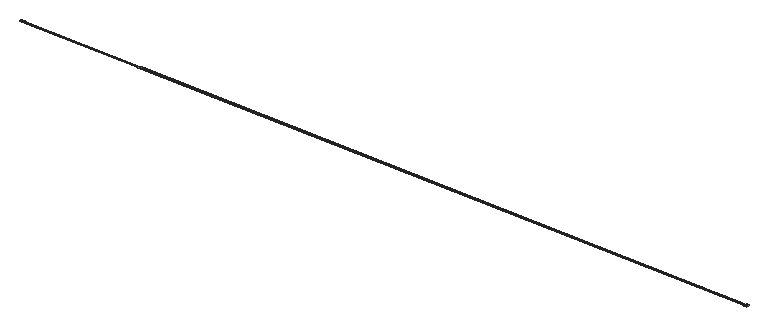
Revit family "Flex Pro IP65_0068187-90", category Lighting Fixtures, host Face, Revit 2017 (continued)
Forms (mm)
  Extrusion 52, solid
    sketch origin (4396.767, 0, 0) x (1, 0, 0) y (0, 1, 0)
      loop
        line (96.9, -1.7) -> (96.9, 1.7) -> (94.1, 1.7) -> (94.1, -1.7) -> (96.9, -1.7)
    from -1.2 to 0
  Extrusion 53, solid
    sketch origin (4496.694, 0, 0) x (1, 0, 0) y (0, 1, 0)
      loop
        line (9.4, -1.7) -> (9.4, 1.7) -> (6.6, 1.7) -> (6.6, -1.7) -> (9.4, -1.7)
      loop
        line (19.1, 1.7) -> (19.1, -1.7) -> (21.9, -1.7) -> (21.9, 1.7) -> (19.1, 1.7)
      loop
        line (34.4, -1.7) -> (34.4, 1.7) -> (31.6, 1.7) -> (31.6, -1.7) -> (34.4, -1.7)
      loop
        line (46.9, -1.7) -> (46.9, 1.7) -> (44.1, 1.7) -> (44.1, -1.7) -> (46.9, -1.7)
      loop
        line (59.4, -1.7) -> (59.4, 1.7) -> (56.6, 1.7) -> (56.6, -1.7) -> (59.4, -1.7)
      loop
        line (71.9, -1.7) -> (71.9, 1.7) -> (69.1, 1.7) -> (69.1, -1.7) -> (71.9, -1.7)
      loop
        line (84.4, -1.7) -> (84.4, 1.7) -> (81.6, 1.7) -> (81.6, -1.7) -> (84.4, -1.7)
      loop
        line (96.9, -1.7) -> (96.9, 1.7) -> (94.1, 1.7) -> (94.1, -1.7) -> (96.9, -1.7)
    from -1.2 to 0
  Extrusion 54, solid
    sketch origin (4596.62, 0, 0) x (1, 0, 0) y (0, 1, 0)
      loop
        line (9.4, -1.7) -> (9.4, 1.7) -> (6.6, 1.7) -> (6.6, -1.7) -> (9.4, -1.7)
      loop
        line (19.1, 1.7) -> (19.1, -1.7) -> (21.9, -1.7) -> (21.9, 1.7) -> (19.1, 1.7)
      loop
        line (34.4, -1.7) -> (34.4, 1.7) -> (31.6, 1.7) -> (31.6, -1.7) -> (34.4, -1.7)
      loop
        line (46.9, -1.7) -> (46.9, 1.7) -> (44.1, 1.7) -> (44.1, -1.7) -> (46.9, -1.7)
      loop
        line (59.4, -1.7) -> (59.4, 1.7) -> (56.6, 1.7) -> (56.6, -1.7) -> (59.4, -1.7)
      loop
        line (71.9, -1.7) -> (71.9, 1.7) -> (69.1, 1.7) -> (69.1, -1.7) -> (71.9, -1.7)
      loop
        line (84.4, -1.7) -> (84.4, 1.7) -> (81.6, 1.7) -> (81.6, -1.7) -> (84.4, -1.7)
      loop
        line (96.9, -1.7) -> (96.9, 1.7) -> (94.1, 1.7) -> (94.1, -1.7) -> (96.9, -1.7)
    from -1.2 to 0
  Extrusion 55, solid
    sketch origin (4696.547, 0, 0) x (1, 0, 0) y (0, 1, 0)
      loop
        line (9.4, -1.7) -> (9.4, 1.7) -> (6.6, 1.7) -> (6.6, -1.7) -> (9.4, -1.7)
      loop
        line (19.1, 1.7) -> (19.1, -1.7) -> (21.9, -1.7) -> (21.9, 1.7) -> (19.1, 1.7)
      loop
        line (34.4, -1.7) -> (34.4, 1.7) -> (31.6, 1.7) -> (31.6, -1.7) -> (34.4, -1.7)
      loop
        line (46.9, -1.7) -> (46.9, 1.7) -> (44.1, 1.7) -> (44.1, -1.7) -> (46.9, -1.7)
      loop
        line (59.4, -1.7) -> (59.4, 1.7) -> (56.6, 1.7) -> (56.6, -1.7) -> (59.4, -1.7)
      loop
        line (71.9, -1.7) -> (71.9, 1.7) -> (69.1, 1.7) -> (69.1, -1.7) -> (71.9, -1.7)
      loop
        line (84.4, -1.7) -> (84.4, 1.7) -> (81.6, 1.7) -> (81.6, -1.7) -> (84.4, -1.7)
      loop
        line (96.9, -1.7) -> (96.9, 1.7) -> (94.1, 1.7) -> (94.1, -1.7) -> (96.9, -1.7)
    from -1.2 to 0
  Extrusion 56, solid
    sketch origin (4796.473, 0, 0) x (1, 0, 0) y (0, 1, 0)
      loop
        line (9.4, -1.7) -> (9.4, 1.7) -> (6.6, 1.7) -> (6.6, -1.7) -> (9.4, -1.7)
      loop
        line (19.1, 1.7) -> (19.1, -1.7) -> (21.9, -1.7) -> (21.9, 1.7) -> (19.1, 1.7)
      loop
        line (34.4, -1.7) -> (34.4, 1.7) -> (31.6, 1.7) -> (31.6, -1.7) -> (34.4, -1.7)
      loop
        line (46.9, -1.7) -> (46.9, 1.7) -> (44.1, 1.7) -> (44.1, -1.7) -> (46.9, -1.7)
      loop
        line (59.4, -1.7) -> (59.4, 1.7) -> (56.6, 1.7) -> (56.6, -1.7) -> (59.4, -1.7)
      loop
        line (71.9, -1.7) -> (71.9, 1.7) -> (69.1, 1.7) -> (69.1, -1.7) -> (71.9, -1.7)
      loop
        line (84.4, -1.7) -> (84.4, 1.7) -> (81.6, 1.7) -> (81.6, -1.7) -> (84.4, -1.7)
      loop
        line (96.9, -1.7) -> (96.9, 1.7) -> (94.1, 1.7) -> (94.1, -1.7) -> (96.9, -1.7)
    from -1.2 to 0
  Extrusion 57, solid
    sketch origin (4896.4, 0, 0) x (1, 0, 0) y (0, 1, 0)
      loop
        line (52.9, -1.5) -> (52.9, 1.5) -> (50.6, 1.5) -> (50.6, -1.5) -> (52.9, -1.5)
    from -1.2 to -0.5
  Extrusion 58, solid
    sketch origin (99.927, 0, 0) x (1, 0, 0) y (0, 1, 0)
      loop
        line (52.9, -1.5) -> (52.9, 1.5) -> (50.6, 1.5) -> (50.6, -1.5) -> (52.9, -1.5)
    from -1.2 to -0.5
  Extrusion 59, solid
    sketch origin (199.853, 0, 0) x (1, 0, 0) y (0, 1, 0)
      loop
        line (52.9, -1.5) -> (52.9, 1.5) -> (50.6, 1.5) -> (50.6, -1.5) -> (52.9, -1.5)
    from -1.2 to -0.5
  Extrusion 60, solid
    sketch origin (299.78, 0, 0) x (1, 0, 0) y (0, 1, 0)
      loop
        line (52.9, -1.5) -> (52.9, 1.5) -> (50.6, 1.5) -> (50.6, -1.5) -> (52.9, -1.5)
    from -1.2 to -0.5
  Extrusion 61, solid
    sketch origin (399.706, 0, 0) x (1, 0, 0) y (0, 1, 0)
      loop
        line (52.9, -1.5) -> (52.9, 1.5) -> (50.6, 1.5) -> (50.6, -1.5) -> (52.9, -1.5)
    from -1.2 to -0.5
  Extrusion 62, solid
    sketch origin (499.633, 0, 0) x (1, 0, 0) y (0, 1, 0)
      loop
        line (52.9, -1.5) -> (52.9, 1.5) -> (50.6, 1.5) -> (50.6, -1.5) -> (52.9, -1.5)
    from -1.2 to -0.5
  Extrusion 63, solid
    sketch origin (599.559, 0, 0) x (1, 0, 0) y (0, 1, 0)
      loop
        line (52.9, -1.5) -> (52.9, 1.5) -> (50.6, 1.5) -> (50.6, -1.5) -> (52.9, -1.5)
    from -1.2 to -0.5
  Extrusion 64, solid
    sketch origin (699.486, 0, 0) x (1, 0, 0) y (0, 1, 0)
      loop
        line (52.9, -1.5) -> (52.9, 1.5) -> (50.6, 1.5) -> (50.6, -1.5) -> (52.9, -1.5)
    from -1.2 to -0.5
  Extrusion 65, solid
    sketch origin (799.412, 0, 0) x (1, 0, 0) y (0, 1, 0)
      loop
        line (52.9, -1.5) -> (52.9, 1.5) -> (50.6, 1.5) -> (50.6, -1.5) -> (52.9, -1.5)
    from -1.2 to -0.5
  Extrusion 66, solid
    sketch origin (899.339, 0, 0) x (1, 0, 0) y (0, 1, 0)
      loop
        line (52.9, -1.5) -> (52.9, 1.5) -> (50.6, 1.5) -> (50.6, -1.5) -> (52.9, -1.5)
    from -1.2 to -0.5
  Extrusion 67, solid
    sketch origin (999.265, 0, 0) x (1, 0, 0) y (0, 1, 0)
      loop
        line (52.9, -1.5) -> (52.9, 1.5) -> (50.6, 1.5) -> (50.6, -1.5) -> (52.9, -1.5)
    from -1.2 to -0.5
  Extrusion 68, solid
    sketch origin (1099.192, 0, 0) x (1, 0, 0) y (0, 1, 0)
      loop
        line (52.9, -1.5) -> (52.9, 1.5) -> (50.6, 1.5) -> (50.6, -1.5) -> (52.9, -1.5)
    from -1.2 to -0.5
  Extrusion 69, solid
    sketch origin (1199.118, 0, 0) x (1, 0, 0) y (0, 1, 0)
      loop
        line (52.9, -1.5) -> (52.9, 1.5) -> (50.6, 1.5) -> (50.6, -1.5) -> (52.9, -1.5)
    from -1.2 to -0.5
  Extrusion 70, solid
    sketch origin (1299.045, 0, 0) x (1, 0, 0) y (0, 1, 0)
      loop
        line (52.9, -1.5) -> (52.9, 1.5) -> (50.6, 1.5) -> (50.6, -1.5) -> (52.9, -1.5)
    from -1.2 to -0.5
  Extrusion 71, solid
    sketch origin (1398.971, 0, 0) x (1, 0, 0) y (0, 1, 0)
      loop
        line (52.9, -1.5) -> (52.9, 1.5) -> (50.6, 1.5) -> (50.6, -1.5) -> (52.9, -1.5)
    from -1.2 to -0.5
  Extrusion 72, solid
    sketch origin (1498.898, 0, 0) x (1, 0, 0) y (0, 1, 0)
      loop
        line (52.9, -1.5) -> (52.9, 1.5) -> (50.6, 1.5) -> (50.6, -1.5) -> (52.9, -1.5)
    from -1.2 to -0.5
  Extrusion 73, solid
    sketch origin (1598.824, 0, 0) x (1, 0, 0) y (0, 1, 0)
      loop
        line (52.9, -1.5) -> (52.9, 1.5) -> (50.6, 1.5) -> (50.6, -1.5) -> (52.9, -1.5)
    from -1.2 to -0.5
  Extrusion 74, solid
    sketch origin (1698.751, 0, 0) x (1, 0, 0) y (0, 1, 0)
      loop
        line (52.9, -1.5) -> (52.9, 1.5) -> (50.6, 1.5) -> (50.6, -1.5) -> (52.9, -1.5)
    from -1.2 to -0.5
  Extrusion 75, solid
    sketch origin (1798.678, 0, 0) x (1, 0, 0) y (0, 1, 0)
      loop
        line (52.9, -1.5) -> (52.9, 1.5) -> (50.6, 1.5) -> (50.6, -1.5) -> (52.9, -1.5)
    from -1.2 to -0.5
  Extrusion 76, solid
    sketch origin (1898.604, 0, 0) x (1, 0, 0) y (0, 1, 0)
      loop
        line (52.9, -1.5) -> (52.9, 1.5) -> (50.6, 1.5) -> (50.6, -1.5) -> (52.9, -1.5)
    from -1.2 to -0.5
  Extrusion 77, solid
    sketch origin (1998.531, 0, 0) x (1, 0, 0) y (0, 1, 0)
      loop
        line (52.9, -1.5) -> (52.9, 1.5) -> (50.6, 1.5) -> (50.6, -1.5) -> (52.9, -1.5)
    from -1.2 to -0.5
  Extrusion 78, solid
    sketch origin (2098.457, 0, 0) x (1, 0, 0) y (0, 1, 0)
      loop
        line (52.9, -1.5) -> (52.9, 1.5) -> (50.6, 1.5) -> (50.6, -1.5) -> (52.9, -1.5)
    from -1.2 to -0.5
  Extrusion 79, solid
    sketch origin (2198.384, 0, 0) x (1, 0, 0) y (0, 1, 0)
      loop
        line (52.9, -1.5) -> (52.9, 1.5) -> (50.6, 1.5) -> (50.6, -1.5) -> (52.9, -1.5)
    from -1.2 to -0.5
  Extrusion 80, solid
    sketch origin (2298.31, 0, 0) x (1, 0, 0) y (0, 1, 0)
      loop
        line (52.9, -1.5) -> (52.9, 1.5) -> (50.6, 1.5) -> (50.6, -1.5) -> (52.9, -1.5)
    from -1.2 to -0.5
  Extrusion 81, solid
    sketch origin (2398.237, 0, 0) x (1, 0, 0) y (0, 1, 0)
      loop
        line (52.9, -1.5) -> (52.9, 1.5) -> (50.6, 1.5) -> (50.6, -1.5) -> (52.9, -1.5)
    from -1.2 to -0.5
  Extrusion 82, solid
    sketch origin (2498.163, 0, 0) x (1, 0, 0) y (0, 1, 0)
      loop
        line (52.9, -1.5) -> (52.9, 1.5) -> (50.6, 1.5) -> (50.6, -1.5) -> (52.9, -1.5)
    from -1.2 to -0.5
  Extrusion 83, solid
    sketch origin (2598.09, 0, 0) x (1, 0, 0) y (0, 1, 0)
      loop
        line (52.9, -1.5) -> (52.9, 1.5) -> (50.6, 1.5) -> (50.6, -1.5) -> (52.9, -1.5)
    from -1.2 to -0.5
  Extrusion 84, solid
    sketch origin (2698.016, 0, 0) x (1, 0, 0) y (0, 1, 0)
      loop
        line (52.9, -1.5) -> (52.9, 1.5) -> (50.6, 1.5) -> (50.6, -1.5) -> (52.9, -1.5)
    from -1.2 to -0.5
  Extrusion 85, solid
    sketch origin (2797.943, 0, 0) x (1, 0, 0) y (0, 1, 0)
      loop
        line (52.9, -1.5) -> (52.9, 1.5) -> (50.6, 1.5) -> (50.6, -1.5) -> (52.9, -1.5)
    from -1.2 to -0.5
  Extrusion 86, solid
    sketch origin (2897.869, 0, 0) x (1, 0, 0) y (0, 1, 0)
      loop
        line (52.9, -1.5) -> (52.9, 1.5) -> (50.6, 1.5) -> (50.6, -1.5) -> (52.9, -1.5)
    from -1.2 to -0.5
  Extrusion 87, solid
    sketch origin (2997.796, 0, 0) x (1, 0, 0) y (0, 1, 0)
      loop
        line (52.9, -1.5) -> (52.9, 1.5) -> (50.6, 1.5) -> (50.6, -1.5) -> (52.9, -1.5)
    from -1.2 to -0.5
  Extrusion 88, solid
    sketch origin (3097.722, 0, 0) x (1, 0, 0) y (0, 1, 0)
      loop
        line (52.9, -1.5) -> (52.9, 1.5) -> (50.6, 1.5) -> (50.6, -1.5) -> (52.9, -1.5)
    from -1.2 to -0.5
  Extrusion 89, solid
    sketch origin (3197.649, 0, 0) x (1, 0, 0) y (0, 1, 0)
      loop
        line (52.9, -1.5) -> (52.9, 1.5) -> (50.6, 1.5) -> (50.6, -1.5) -> (52.9, -1.5)
    from -1.2 to -0.5
  Extrusion 90, solid
    sketch origin (3297.576, 0, 0) x (1, 0, 0) y (0, 1, 0)
      loop
        line (52.9, -1.5) -> (52.9, 1.5) -> (50.6, 1.5) -> (50.6, -1.5) -> (52.9, -1.5)
    from -1.2 to -0.5
  Extrusion 91, solid
    sketch origin (3397.502, 0, 0) x (1, 0, 0) y (0, 1, 0)
      loop
        line (52.9, -1.5) -> (52.9, 1.5) -> (50.6, 1.5) -> (50.6, -1.5) -> (52.9, -1.5)
    from -1.2 to -0.5
  Extrusion 92, solid
    sketch origin (3497.429, 0, 0) x (1, 0, 0) y (0, 1, 0)
      loop
        line (52.9, -1.5) -> (52.9, 1.5) -> (50.6, 1.5) -> (50.6, -1.5) -> (52.9, -1.5)
    from -1.2 to -0.5
  Extrusion 93, solid
    sketch origin (3597.355, 0, 0) x (1, 0, 0) y (0, 1, 0)
      loop
        line (52.9, -1.5) -> (52.9, 1.5) -> (50.6, 1.5) -> (50.6, -1.5) -> (52.9, -1.5)
    from -1.2 to -0.5
  Extrusion 94, solid
    sketch origin (3697.282, 0, 0) x (1, 0, 0) y (0, 1, 0)
      loop
        line (52.9, -1.5) -> (52.9, 1.5) -> (50.6, 1.5) -> (50.6, -1.5) -> (52.9, -1.5)
    from -1.2 to -0.5
  Extrusion 95, solid
    sketch origin (3797.208, 0, 0) x (1, 0, 0) y (0, 1, 0)
      loop
        line (52.9, -1.5) -> (52.9, 1.5) -> (50.6, 1.5) -> (50.6, -1.5) -> (52.9, -1.5)
    from -1.2 to -0.5
  Extrusion 96, solid
    sketch origin (3897.135, 0, 0) x (1, 0, 0) y (0, 1, 0)
      loop
        line (52.9, -1.5) -> (52.9, 1.5) -> (50.6, 1.5) -> (50.6, -1.5) -> (52.9, -1.5)
    from -1.2 to -0.5
  Extrusion 97, solid
    sketch origin (3997.061, 0, 0) x (1, 0, 0) y (0, 1, 0)
      loop
        line (52.9, -1.5) -> (52.9, 1.5) -> (50.6, 1.5) -> (50.6, -1.5) -> (52.9, -1.5)
    from -1.2 to -0.5
  Extrusion 98, solid
    sketch origin (4096.988, 0, 0) x (1, 0, 0) y (0, 1, 0)
      loop
        line (52.9, -1.5) -> (52.9, 1.5) -> (50.6, 1.5) -> (50.6, -1.5) -> (52.9, -1.5)
    from -1.2 to -0.5
  Extrusion 99, solid
    sketch origin (4196.914, 0, 0) x (1, 0, 0) y (0, 1, 0)
      loop
        line (52.9, -1.5) -> (52.9, 1.5) -> (50.6, 1.5) -> (50.6, -1.5) -> (52.9, -1.5)
    from -1.2 to -0.5
  Extrusion 100, solid
    sketch origin (4296.841, 0, 0) x (1, 0, 0) y (0, 1, 0)
      loop
        line (52.9, -1.5) -> (52.9, 1.5) -> (50.6, 1.5) -> (50.6, -1.5) -> (52.9, -1.5)
    from -1.2 to -0.5
  Extrusion 101, solid
    sketch origin (4396.767, 0, 0) x (1, 0, 0) y (0, 1, 0)
      loop
        line (52.9, -1.5) -> (52.9, 1.5) -> (50.6, 1.5) -> (50.6, -1.5) -> (52.9, -1.5)
    from -1.2 to -0.5
  Extrusion 102, solid
    sketch origin (4496.694, 0, 0) x (1, 0, 0) y (0, 1, 0)
      loop
        line (52.9, -1.5) -> (52.9, 1.5) -> (50.6, 1.5) -> (50.6, -1.5) -> (52.9, -1.5)
    from -1.2 to -0.5
  Extrusion 103, solid
    sketch origin (4596.62, 0, 0) x (1, 0, 0) y (0, 1, 0)
      loop
        line (52.9, -1.5) -> (52.9, 1.5) -> (50.6, 1.5) -> (50.6, -1.5) -> (52.9, -1.5)
    from -1.2 to -0.5
  Extrusion 104, solid
    sketch origin (4696.547, 0, 0) x (1, 0, 0) y (0, 1, 0)
      loop
        line (52.9, -1.5) -> (52.9, 1.5) -> (50.6, 1.5) -> (50.6, -1.5) -> (52.9, -1.5)
    from -1.2 to -0.5
  Extrusion 105, solid
    sketch origin (4796.473, 0, 0) x (1, 0, 0) y (0, 1, 0)
      loop
        line (52.9, -1.5) -> (52.9, 1.5) -> (50.6, 1.5) -> (50.6, -1.5) -> (52.9, -1.5)
    from -1.2 to -0.5
  Extrusion 106, solid, material "Default" <- "Material_1_SYL"
    sketch origin (0, 0, 0) x (1, 0, 0) y (0, 1, 0)
      loop
        line (-12, 7) -> (-12, -7) -> (0, -7) -> (0, 7) -> (-12, 7)
      loop
        line (5000, 7) -> (5000, -7) -> (5012, -7) -> (5012, 7) -> (5000, 7)
    from -2.6 to 3.4
  Extrusion 107, solid, material "Default New Material" <- "Material_3_SYL"
    sketch origin (0, 0, 0) x (1, 0, 0) y (0, 1, 0)
      loop
        line (0, -6) -> (5000, -6) -> (5000, 6) -> (0, 6) -> (0, -6)
    from -1.6 to 2.4
Dimensions and locks
  "CABLE_LENGHT_SYL": plane 8 to plane 3 "Center (Left/Right)"
  "CABLE_FIX_SYL": plane 3 "Center (Left/Right)" to plane 7
  "LUM_WIDTH_SYL": plane 6 to plane 1 "Center (Front/Back)" to plane 5
  "CABLE_BLEND_SYL": plane 9 to plane 3 "Center (Left/Right)"  (x2)
  "CABLE_END_SYL": plane 8 to plane 10
  "LUM_LENGHT_SYL": plane 3 "Center (Left/Right)" to plane 4
  "CABLE_DIST_SYL": plane 12 to plane 1 "Center (Front/Back)" to plane 11
  "CABLE_DIST2_SYL": plane 13 to plane 5
  "CABLE_DIST2_SYL": plane 6 to plane 14
  "LED_CH_S_WIDTH_SYL": plane 18 to plane 1 "Center (Front/Back)" to plane 17
  "LED_CH_L_WIDTH_SYL": plane 16 to plane 1 "Center (Front/Back)" to plane 15
  "PHOTOMETRY1_SYL": imposter light to plane 4
  "PHOTOMETRY2_SYL": imposter light to Extrusion 1
  "LED_CH_L_DIST1_SYL": plane 3 "Center (Left/Right)" to plane 19  (x2)
  "LED_CH_L_DIST_SYL": plane 19 to plane 20 to plane 21 to plane 22 to plane 23 to plane 24 to plane 25 to plane 26
  "LED_CH_S_DEPTH1_SYL": plane 19 to plane 43
  "LED_CH_S_DEPTH2_SYL": plane 44 to plane 19
  equal spacing: group 1, group 3, group 4, group 5, group 6, group 7, group 8, group 9, group 10, group 11, group 12, group 13, group 14, group 15, group 16, group 17, group 18, group 19, group 20, group 21, group 22, group 23, group 24, group 25, group 26, group 27, group 28, group 29, group 30, group 31, group 32, group 33, group 34, group 35, group 36, group 37, group 38, group 39, group 40, group 41, group 42, group 43, group 44, group 45, group 46, group 47, group 48, group 49, group 50, group 2  (x3)
  equal spacing: group 51, group 53, group 54, group 55, group 56, group 57, group 58, group 59, group 60, group 61, group 62, group 63, group 64, group 65, group 66, group 67, group 68, group 69, group 70, group 71, group 72, group 73, group 74, group 75, group 76, group 77, group 78, group 79, group 80, group 81, group 82, group 83, group 84, group 85, group 86, group 87, group 88, group 89, group 90, group 91, group 92, group 93, group 94, group 95, group 96, group 97, group 98, group 99, group 100, group 52  (x3)
  "CABLE_BLEND_SYL": plane 4 to plane 45
  aligned and locked: host face to plane 2
  aligned and locked: host face to level
  aligned and locked: Extrusion 1 sketch curve to plane 4
  aligned and locked: plane 3 "Center (Left/Right)" to Extrusion 1 sketch curve
  aligned and locked: Revolve 4 sketch curve to plane 11
  aligned and locked: Sweep 2 to Revolve 4 sketch curve
  aligned and locked: plane 8 to Revolve 4 sketch curve
  aligned and locked: Revolve 5 sketch curve to plane 12  (x2)
  aligned and locked: Revolve 5 sketch curve to Sweep 3
  aligned and locked: Revolve 5 sketch curve to plane 8
  aligned and locked: plane 47 to Extrusion 106 sketch curve  (x2)
  aligned and locked: plane 9 to Extrusion 106 sketch curve
  aligned and locked: Extrusion 106 sketch curve to plane 46  (x2)
  aligned and locked: Extrusion 106 sketch curve to plane 3 "Center (Left/Right)"
  aligned and locked: plane 4 to Extrusion 106 sketch curve
  aligned and locked: Extrusion 106 sketch curve to plane 45
  aligned and locked: plane 49 to Extrusion 107 sketch curve
  aligned and locked: Extrusion 107 sketch curve to plane 48
  aligned and locked: plane 4 to Extrusion 107 sketch curve
  aligned and locked: Extrusion 107 sketch curve to plane 3 "Center (Left/Right)"
Automatic sketch dimensions
  plane 6 to Extrusion 1 sketch curve = 0 mm
  plane 5 to Extrusion 1 sketch curve = 0 mm
  Sweep 2 sketch curve to plane 10 = 0 mm
  Sweep 2 sketch curve to plane 9 = 0 mm
  Sweep 3 sketch curve to plane 10 = 0 mm
  Sweep 3 sketch curve to plane 9 = 0 mm
  plane 12 to Sweep 3 sketch curve = 0 mm
  level to Sweep 3 sketch curve = 0 mm
  Sweep 3 sketch curve to profile plane = 0 mm
  Sweep 2 sketch curve to level = 0 mm
  Sweep 2 sketch curve to profile plane = 0 mm
  host sketch curve to host sketch curve = 6451.645 mm
  host sketch curve to host sketch curve = 2438.4 mm
  plane 16 to Revolve 5 sketch curve = 0.723 mm
  Revolve 5 sketch curve to plane 8 = 1324 mm
  Revolve 4 sketch curve to plane 11 = 0 mm
  Revolve 4 sketch curve to plane 15 = 0.744 mm
  Revolve 4 sketch curve to plane 8 = 1324 mm
  plane 7 to Revolve 4 sketch curve = 1556.2 mm
  plane 7 to Revolve 5 sketch curve = 1556.2 mm
  Extrusion 6 sketch curve to Extrusion 6 sketch curve = 2.8 mm  (x8)
  Extrusion 6 sketch curve to Extrusion 6 sketch curve = 9.7 mm  (x7)
  Extrusion 6 sketch curve to Extrusion 6 sketch curve = 0 mm  (x7)
  Extrusion 6 sketch curve to Extrusion 6 sketch curve = 3.4 mm  (x8)
  Extrusion 8 sketch curve to Extrusion 8 sketch curve = 2.8 mm  (x8)
  Extrusion 8 sketch curve to Extrusion 8 sketch curve = 9.7 mm  (x7)
  Extrusion 8 sketch curve to Extrusion 8 sketch curve = 0 mm  (x7)
  Extrusion 8 sketch curve to Extrusion 8 sketch curve = 3.4 mm  (x8)
  Extrusion 9 sketch curve to Extrusion 9 sketch curve = 2.8 mm  (x8)
  Extrusion 9 sketch curve to Extrusion 9 sketch curve = 9.7 mm  (x7)
  Extrusion 9 sketch curve to Extrusion 9 sketch curve = 0 mm  (x7)
  Extrusion 9 sketch curve to Extrusion 9 sketch curve = 3.4 mm  (x8)
  Extrusion 10 sketch curve to Extrusion 10 sketch curve = 2.8 mm  (x8)
  Extrusion 10 sketch curve to Extrusion 10 sketch curve = 9.7 mm  (x7)
  Extrusion 10 sketch curve to Extrusion 10 sketch curve = 0 mm  (x7)
  Extrusion 10 sketch curve to Extrusion 10 sketch curve = 3.4 mm  (x8)
  Extrusion 11 sketch curve to Extrusion 11 sketch curve = 2.8 mm  (x8)
  Extrusion 11 sketch curve to Extrusion 11 sketch curve = 9.7 mm  (x7)
  Extrusion 11 sketch curve to Extrusion 11 sketch curve = 0 mm  (x7)
  Extrusion 11 sketch curve to Extrusion 11 sketch curve = 3.4 mm  (x8)
  Extrusion 12 sketch curve to Extrusion 12 sketch curve = 2.8 mm  (x8)
  Extrusion 12 sketch curve to Extrusion 12 sketch curve = 9.7 mm  (x7)
  Extrusion 12 sketch curve to Extrusion 12 sketch curve = 0 mm  (x7)
  Extrusion 12 sketch curve to Extrusion 12 sketch curve = 3.4 mm  (x8)
  Extrusion 13 sketch curve to Extrusion 13 sketch curve = 2.8 mm  (x8)
  Extrusion 13 sketch curve to Extrusion 13 sketch curve = 9.7 mm  (x7)
  Extrusion 13 sketch curve to Extrusion 13 sketch curve = 0 mm  (x7)
  Extrusion 13 sketch curve to Extrusion 13 sketch curve = 3.4 mm  (x8)
  Extrusion 14 sketch curve to Extrusion 14 sketch curve = 2.8 mm  (x8)
  Extrusion 14 sketch curve to Extrusion 14 sketch curve = 9.7 mm  (x7)
  Extrusion 14 sketch curve to Extrusion 14 sketch curve = 0 mm  (x7)
  Extrusion 14 sketch curve to Extrusion 14 sketch curve = 3.4 mm  (x8)
  Extrusion 15 sketch curve to Extrusion 15 sketch curve = 2.8 mm  (x8)
  Extrusion 15 sketch curve to Extrusion 15 sketch curve = 9.7 mm  (x7)
  Extrusion 15 sketch curve to Extrusion 15 sketch curve = 0 mm  (x7)
  Extrusion 15 sketch curve to Extrusion 15 sketch curve = 3.4 mm  (x8)
  Extrusion 16 sketch curve to Extrusion 16 sketch curve = 2.8 mm  (x8)
  Extrusion 16 sketch curve to Extrusion 16 sketch curve = 9.7 mm  (x7)
  Extrusion 16 sketch curve to Extrusion 16 sketch curve = 0 mm  (x7)
  Extrusion 16 sketch curve to Extrusion 16 sketch curve = 3.4 mm  (x8)
  Extrusion 17 sketch curve to Extrusion 17 sketch curve = 2.8 mm  (x8)
  Extrusion 17 sketch curve to Extrusion 17 sketch curve = 9.7 mm  (x7)
  Extrusion 17 sketch curve to Extrusion 17 sketch curve = 0 mm  (x7)
  Extrusion 17 sketch curve to Extrusion 17 sketch curve = 3.4 mm  (x8)
  Extrusion 18 sketch curve to Extrusion 18 sketch curve = 2.8 mm  (x8)
  Extrusion 18 sketch curve to Extrusion 18 sketch curve = 9.7 mm  (x7)
  Extrusion 18 sketch curve to Extrusion 18 sketch curve = 0 mm  (x7)
  Extrusion 18 sketch curve to Extrusion 18 sketch curve = 3.4 mm  (x8)
  Extrusion 19 sketch curve to Extrusion 19 sketch curve = 2.8 mm  (x8)
  Extrusion 19 sketch curve to Extrusion 19 sketch curve = 9.7 mm  (x7)
  Extrusion 19 sketch curve to Extrusion 19 sketch curve = 0 mm  (x7)
  Extrusion 19 sketch curve to Extrusion 19 sketch curve = 3.4 mm  (x8)
  Extrusion 20 sketch curve to Extrusion 20 sketch curve = 2.8 mm  (x8)
  Extrusion 20 sketch curve to Extrusion 20 sketch curve = 9.7 mm  (x7)
  Extrusion 20 sketch curve to Extrusion 20 sketch curve = 0 mm  (x7)
  Extrusion 20 sketch curve to Extrusion 20 sketch curve = 3.4 mm  (x8)
  Extrusion 21 sketch curve to Extrusion 21 sketch curve = 2.8 mm  (x8)
  Extrusion 21 sketch curve to Extrusion 21 sketch curve = 9.7 mm  (x7)
  Extrusion 21 sketch curve to Extrusion 21 sketch curve = 0 mm  (x7)
  Extrusion 21 sketch curve to Extrusion 21 sketch curve = 3.4 mm  (x8)
  Extrusion 22 sketch curve to Extrusion 22 sketch curve = 2.8 mm  (x8)
  Extrusion 22 sketch curve to Extrusion 22 sketch curve = 9.7 mm  (x7)
  Extrusion 22 sketch curve to Extrusion 22 sketch curve = 0 mm  (x7)
  Extrusion 22 sketch curve to Extrusion 22 sketch curve = 3.4 mm  (x8)
  Extrusion 23 sketch curve to Extrusion 23 sketch curve = 2.8 mm  (x8)
  Extrusion 23 sketch curve to Extrusion 23 sketch curve = 9.7 mm  (x7)
  Extrusion 23 sketch curve to Extrusion 23 sketch curve = 0 mm  (x7)
  Extrusion 23 sketch curve to Extrusion 23 sketch curve = 3.4 mm  (x8)
  Extrusion 24 sketch curve to Extrusion 24 sketch curve = 2.8 mm  (x8)
  Extrusion 24 sketch curve to Extrusion 24 sketch curve = 9.7 mm  (x7)
  Extrusion 24 sketch curve to Extrusion 24 sketch curve = 0 mm  (x7)
  Extrusion 24 sketch curve to Extrusion 24 sketch curve = 3.4 mm  (x8)
  Extrusion 25 sketch curve to Extrusion 25 sketch curve = 2.8 mm  (x8)
  Extrusion 25 sketch curve to Extrusion 25 sketch curve = 9.7 mm  (x7)
  Extrusion 25 sketch curve to Extrusion 25 sketch curve = 0 mm  (x7)
  Extrusion 25 sketch curve to Extrusion 25 sketch curve = 3.4 mm  (x8)
  Extrusion 26 sketch curve to Extrusion 26 sketch curve = 2.8 mm  (x8)
  Extrusion 26 sketch curve to Extrusion 26 sketch curve = 9.7 mm  (x7)
  Extrusion 26 sketch curve to Extrusion 26 sketch curve = 0 mm  (x7)
  Extrusion 26 sketch curve to Extrusion 26 sketch curve = 3.4 mm  (x8)
  Extrusion 27 sketch curve to Extrusion 27 sketch curve = 2.8 mm  (x8)
  Extrusion 27 sketch curve to Extrusion 27 sketch curve = 9.7 mm  (x7)
  Extrusion 27 sketch curve to Extrusion 27 sketch curve = 0 mm  (x7)
  Extrusion 27 sketch curve to Extrusion 27 sketch curve = 3.4 mm  (x8)
  Extrusion 28 sketch curve to Extrusion 28 sketch curve = 2.8 mm  (x8)
  Extrusion 28 sketch curve to Extrusion 28 sketch curve = 9.7 mm  (x7)
  Extrusion 28 sketch curve to Extrusion 28 sketch curve = 0 mm  (x7)
  Extrusion 28 sketch curve to Extrusion 28 sketch curve = 3.4 mm  (x8)
  Extrusion 29 sketch curve to Extrusion 29 sketch curve = 2.8 mm  (x8)
  Extrusion 29 sketch curve to Extrusion 29 sketch curve = 9.7 mm  (x7)
  Extrusion 29 sketch curve to Extrusion 29 sketch curve = 0 mm  (x7)
  Extrusion 29 sketch curve to Extrusion 29 sketch curve = 3.4 mm  (x8)
  Extrusion 30 sketch curve to Extrusion 30 sketch curve = 2.8 mm  (x8)
  Extrusion 30 sketch curve to Extrusion 30 sketch curve = 9.7 mm  (x7)
  Extrusion 30 sketch curve to Extrusion 30 sketch curve = 0 mm  (x7)
  Extrusion 30 sketch curve to Extrusion 30 sketch curve = 3.4 mm  (x8)
  Extrusion 31 sketch curve to Extrusion 31 sketch curve = 2.8 mm  (x8)
  Extrusion 31 sketch curve to Extrusion 31 sketch curve = 9.7 mm  (x7)
  Extrusion 31 sketch curve to Extrusion 31 sketch curve = 0 mm  (x7)
  Extrusion 31 sketch curve to Extrusion 31 sketch curve = 3.4 mm  (x8)
  Extrusion 32 sketch curve to Extrusion 32 sketch curve = 2.8 mm  (x8)
  Extrusion 32 sketch curve to Extrusion 32 sketch curve = 9.7 mm  (x7)
  Extrusion 32 sketch curve to Extrusion 32 sketch curve = 0 mm  (x7)
  Extrusion 32 sketch curve to Extrusion 32 sketch curve = 3.4 mm  (x8)
  Extrusion 33 sketch curve to Extrusion 33 sketch curve = 2.8 mm  (x8)
  Extrusion 33 sketch curve to Extrusion 33 sketch curve = 9.7 mm  (x7)
  Extrusion 33 sketch curve to Extrusion 33 sketch curve = 0 mm  (x7)
  Extrusion 33 sketch curve to Extrusion 33 sketch curve = 3.4 mm  (x8)
  Extrusion 34 sketch curve to Extrusion 34 sketch curve = 2.8 mm  (x8)
  Extrusion 34 sketch curve to Extrusion 34 sketch curve = 9.7 mm  (x7)
  Extrusion 34 sketch curve to Extrusion 34 sketch curve = 0 mm  (x7)
  Extrusion 34 sketch curve to Extrusion 34 sketch curve = 3.4 mm  (x8)
  Extrusion 35 sketch curve to Extrusion 35 sketch curve = 2.8 mm  (x8)
  Extrusion 35 sketch curve to Extrusion 35 sketch curve = 9.7 mm  (x7)
  Extrusion 35 sketch curve to Extrusion 35 sketch curve = 0 mm  (x7)
  Extrusion 35 sketch curve to Extrusion 35 sketch curve = 3.4 mm  (x8)
  Extrusion 36 sketch curve to Extrusion 36 sketch curve = 2.8 mm  (x8)
  Extrusion 36 sketch curve to Extrusion 36 sketch curve = 9.7 mm  (x7)
  Extrusion 36 sketch curve to Extrusion 36 sketch curve = 0 mm  (x7)
  Extrusion 36 sketch curve to Extrusion 36 sketch curve = 3.4 mm  (x8)
  Extrusion 37 sketch curve to Extrusion 37 sketch curve = 2.8 mm  (x8)
  Extrusion 37 sketch curve to Extrusion 37 sketch curve = 9.7 mm  (x7)
  Extrusion 37 sketch curve to Extrusion 37 sketch curve = 0 mm  (x7)
  Extrusion 37 sketch curve to Extrusion 37 sketch curve = 3.4 mm  (x8)
  Extrusion 38 sketch curve to Extrusion 38 sketch curve = 2.8 mm  (x8)
  Extrusion 38 sketch curve to Extrusion 38 sketch curve = 9.7 mm  (x7)
  Extrusion 38 sketch curve to Extrusion 38 sketch curve = 0 mm  (x7)
  Extrusion 38 sketch curve to Extrusion 38 sketch curve = 3.4 mm  (x8)
  Extrusion 39 sketch curve to Extrusion 39 sketch curve = 2.8 mm  (x8)
  Extrusion 39 sketch curve to Extrusion 39 sketch curve = 9.7 mm  (x7)
  Extrusion 39 sketch curve to Extrusion 39 sketch curve = 0 mm  (x7)
  Extrusion 39 sketch curve to Extrusion 39 sketch curve = 3.4 mm  (x8)
  Extrusion 40 sketch curve to Extrusion 40 sketch curve = 2.8 mm  (x8)
  Extrusion 40 sketch curve to Extrusion 40 sketch curve = 9.7 mm  (x7)
  Extrusion 40 sketch curve to Extrusion 40 sketch curve = 0 mm  (x7)
  Extrusion 40 sketch curve to Extrusion 40 sketch curve = 3.4 mm  (x8)
  Extrusion 41 sketch curve to Extrusion 41 sketch curve = 2.8 mm  (x8)
  Extrusion 41 sketch curve to Extrusion 41 sketch curve = 9.7 mm  (x7)
  Extrusion 41 sketch curve to Extrusion 41 sketch curve = 0 mm  (x7)
  Extrusion 41 sketch curve to Extrusion 41 sketch curve = 3.4 mm  (x8)
  Extrusion 42 sketch curve to Extrusion 42 sketch curve = 2.8 mm  (x8)
  Extrusion 42 sketch curve to Extrusion 42 sketch curve = 9.7 mm  (x7)
  Extrusion 42 sketch curve to Extrusion 42 sketch curve = 0 mm  (x7)
  Extrusion 42 sketch curve to Extrusion 42 sketch curve = 3.4 mm  (x8)
  Extrusion 43 sketch curve to Extrusion 43 sketch curve = 2.8 mm  (x8)
  Extrusion 43 sketch curve to Extrusion 43 sketch curve = 9.7 mm  (x7)
  Extrusion 43 sketch curve to Extrusion 43 sketch curve = 0 mm  (x7)
  Extrusion 43 sketch curve to Extrusion 43 sketch curve = 3.4 mm  (x8)
  Extrusion 44 sketch curve to Extrusion 44 sketch curve = 2.8 mm  (x8)
  Extrusion 44 sketch curve to Extrusion 44 sketch curve = 9.7 mm  (x7)
  Extrusion 44 sketch curve to Extrusion 44 sketch curve = 0 mm  (x7)
  Extrusion 44 sketch curve to Extrusion 44 sketch curve = 3.4 mm  (x8)
  Extrusion 45 sketch curve to Extrusion 45 sketch curve = 2.8 mm  (x8)
  Extrusion 45 sketch curve to Extrusion 45 sketch curve = 9.7 mm  (x7)
  Extrusion 45 sketch curve to Extrusion 45 sketch curve = 0 mm  (x7)
  Extrusion 45 sketch curve to Extrusion 45 sketch curve = 3.4 mm  (x8)
  Extrusion 46 sketch curve to Extrusion 46 sketch curve = 2.8 mm  (x8)
  Extrusion 46 sketch curve to Extrusion 46 sketch curve = 9.7 mm  (x7)
  Extrusion 46 sketch curve to Extrusion 46 sketch curve = 0 mm  (x7)
  Extrusion 46 sketch curve to Extrusion 46 sketch curve = 3.4 mm  (x8)
  Extrusion 47 sketch curve to Extrusion 47 sketch curve = 2.8 mm  (x8)
  Extrusion 47 sketch curve to Extrusion 47 sketch curve = 9.7 mm  (x7)
  Extrusion 47 sketch curve to Extrusion 47 sketch curve = 0 mm  (x7)
  Extrusion 47 sketch curve to Extrusion 47 sketch curve = 3.4 mm  (x8)
  Extrusion 48 sketch curve to Extrusion 48 sketch curve = 2.8 mm  (x8)
  Extrusion 48 sketch curve to Extrusion 48 sketch curve = 9.7 mm  (x7)
  Extrusion 48 sketch curve to Extrusion 48 sketch curve = 0 mm  (x7)
  Extrusion 48 sketch curve to Extrusion 48 sketch curve = 3.4 mm  (x8)
  Extrusion 49 sketch curve to Extrusion 49 sketch curve = 2.8 mm  (x8)
  Extrusion 49 sketch curve to Extrusion 49 sketch curve = 9.7 mm  (x7)
  Extrusion 49 sketch curve to Extrusion 49 sketch curve = 0 mm  (x7)
  Extrusion 49 sketch curve to Extrusion 49 sketch curve = 3.4 mm  (x8)
  Extrusion 50 sketch curve to Extrusion 50 sketch curve = 2.8 mm  (x8)
  Extrusion 50 sketch curve to Extrusion 50 sketch curve = 9.7 mm  (x7)
  Extrusion 50 sketch curve to Extrusion 50 sketch curve = 0 mm  (x7)
  Extrusion 50 sketch curve to Extrusion 50 sketch curve = 3.4 mm  (x8)
  Extrusion 51 sketch curve to Extrusion 51 sketch curve = 2.8 mm  (x8)
  Extrusion 51 sketch curve to Extrusion 51 sketch curve = 9.7 mm  (x7)
  Extrusion 51 sketch curve to Extrusion 51 sketch curve = 0 mm  (x7)
  Extrusion 51 sketch curve to Extrusion 51 sketch curve = 3.4 mm  (x8)
  Extrusion 52 sketch curve to Extrusion 52 sketch curve = 2.8 mm  (x8)
  Extrusion 52 sketch curve to Extrusion 52 sketch curve = 9.7 mm  (x7)
  Extrusion 52 sketch curve to Extrusion 52 sketch curve = 0 mm  (x7)
  Extrusion 52 sketch curve to Extrusion 52 sketch curve = 3.4 mm  (x8)
  Extrusion 53 sketch curve to Extrusion 53 sketch curve = 2.8 mm  (x8)
  Extrusion 53 sketch curve to Extrusion 53 sketch curve = 9.7 mm  (x7)
  Extrusion 53 sketch curve to Extrusion 53 sketch curve = 0 mm  (x7)
  Extrusion 53 sketch curve to Extrusion 53 sketch curve = 3.4 mm  (x8)
  Extrusion 54 sketch curve to Extrusion 54 sketch curve = 2.8 mm  (x8)
  Extrusion 54 sketch curve to Extrusion 54 sketch curve = 9.7 mm  (x7)
  Extrusion 54 sketch curve to Extrusion 54 sketch curve = 0 mm  (x7)
  Extrusion 54 sketch curve to Extrusion 54 sketch curve = 3.4 mm  (x8)
  Extrusion 55 sketch curve to Extrusion 55 sketch curve = 2.8 mm  (x8)
  Extrusion 55 sketch curve to Extrusion 55 sketch curve = 9.7 mm  (x7)
  Extrusion 55 sketch curve to Extrusion 55 sketch curve = 0 mm  (x7)
  Extrusion 55 sketch curve to Extrusion 55 sketch curve = 3.4 mm  (x8)
  Extrusion 56 sketch curve to Extrusion 56 sketch curve = 2.8 mm  (x8)
  Extrusion 56 sketch curve to Extrusion 56 sketch curve = 9.7 mm  (x7)
  Extrusion 56 sketch curve to Extrusion 56 sketch curve = 0 mm  (x7)
  Extrusion 56 sketch curve to Extrusion 56 sketch curve = 3.4 mm  (x8)
  Extrusion 7 sketch curve to Extrusion 7 sketch curve = 2.3 mm
  Extrusion 7 sketch curve to Extrusion 7 sketch curve = 3 mm
  Extrusion 57 sketch curve to Extrusion 57 sketch curve = 2.3 mm
  Extrusion 57 sketch curve to Extrusion 57 sketch curve = 3 mm
  Extrusion 58 sketch curve to Extrusion 58 sketch curve = 2.3 mm
  Extrusion 58 sketch curve to Extrusion 58 sketch curve = 3 mm
  Extrusion 59 sketch curve to Extrusion 59 sketch curve = 2.3 mm
  Extrusion 59 sketch curve to Extrusion 59 sketch curve = 3 mm
  Extrusion 60 sketch curve to Extrusion 60 sketch curve = 2.3 mm
  Extrusion 60 sketch curve to Extrusion 60 sketch curve = 3 mm
  Extrusion 61 sketch curve to Extrusion 61 sketch curve = 2.3 mm
  Extrusion 61 sketch curve to Extrusion 61 sketch curve = 3 mm
  Extrusion 62 sketch curve to Extrusion 62 sketch curve = 2.3 mm
  Extrusion 62 sketch curve to Extrusion 62 sketch curve = 3 mm
  Extrusion 63 sketch curve to Extrusion 63 sketch curve = 2.3 mm
  Extrusion 63 sketch curve to Extrusion 63 sketch curve = 3 mm
  Extrusion 64 sketch curve to Extrusion 64 sketch curve = 2.3 mm
  Extrusion 64 sketch curve to Extrusion 64 sketch curve = 3 mm
  Extrusion 65 sketch curve to Extrusion 65 sketch curve = 2.3 mm
  Extrusion 65 sketch curve to Extrusion 65 sketch curve = 3 mm
  Extrusion 66 sketch curve to Extrusion 66 sketch curve = 2.3 mm
  Extrusion 66 sketch curve to Extrusion 66 sketch curve = 3 mm
  Extrusion 67 sketch curve to Extrusion 67 sketch curve = 2.3 mm
  Extrusion 67 sketch curve to Extrusion 67 sketch curve = 3 mm
  Extrusion 68 sketch curve to Extrusion 68 sketch curve = 2.3 mm
  Extrusion 68 sketch curve to Extrusion 68 sketch curve = 3 mm
  Extrusion 69 sketch curve to Extrusion 69 sketch curve = 2.3 mm
  Extrusion 69 sketch curve to Extrusion 69 sketch curve = 3 mm
  Extrusion 70 sketch curve to Extrusion 70 sketch curve = 2.3 mm
  Extrusion 70 sketch curve to Extrusion 70 sketch curve = 3 mm
  Extrusion 71 sketch curve to Extrusion 71 sketch curve = 2.3 mm
  Extrusion 71 sketch curve to Extrusion 71 sketch curve = 3 mm
  Extrusion 72 sketch curve to Extrusion 72 sketch curve = 2.3 mm
  Extrusion 72 sketch curve to Extrusion 72 sketch curve = 3 mm
  Extrusion 73 sketch curve to Extrusion 73 sketch curve = 2.3 mm
  Extrusion 73 sketch curve to Extrusion 73 sketch curve = 3 mm
  Extrusion 74 sketch curve to Extrusion 74 sketch curve = 2.3 mm
  Extrusion 74 sketch curve to Extrusion 74 sketch curve = 3 mm
  Extrusion 75 sketch curve to Extrusion 75 sketch curve = 2.3 mm
  Extrusion 75 sketch curve to Extrusion 75 sketch curve = 3 mm
  Extrusion 76 sketch curve to Extrusion 76 sketch curve = 2.3 mm
  Extrusion 76 sketch curve to Extrusion 76 sketch curve = 3 mm
  Extrusion 77 sketch curve to Extrusion 77 sketch curve = 2.3 mm
  Extrusion 77 sketch curve to Extrusion 77 sketch curve = 3 mm
  Extrusion 78 sketch curve to Extrusion 78 sketch curve = 2.3 mm
  Extrusion 78 sketch curve to Extrusion 78 sketch curve = 3 mm
  Extrusion 79 sketch curve to Extrusion 79 sketch curve = 2.3 mm
  Extrusion 79 sketch curve to Extrusion 79 sketch curve = 3 mm
  Extrusion 80 sketch curve to Extrusion 80 sketch curve = 2.3 mm
  Extrusion 80 sketch curve to Extrusion 80 sketch curve = 3 mm
  Extrusion 81 sketch curve to Extrusion 81 sketch curve = 2.3 mm
  Extrusion 81 sketch curve to Extrusion 81 sketch curve = 3 mm
  Extrusion 82 sketch curve to Extrusion 82 sketch curve = 2.3 mm
  Extrusion 82 sketch curve to Extrusion 82 sketch curve = 3 mm
  Extrusion 83 sketch curve to Extrusion 83 sketch curve = 2.3 mm
  Extrusion 83 sketch curve to Extrusion 83 sketch curve = 3 mm
  Extrusion 84 sketch curve to Extrusion 84 sketch curve = 2.3 mm
  Extrusion 84 sketch curve to Extrusion 84 sketch curve = 3 mm
  Extrusion 85 sketch curve to Extrusion 85 sketch curve = 2.3 mm
  Extrusion 85 sketch curve to Extrusion 85 sketch curve = 3 mm
  Extrusion 86 sketch curve to Extrusion 86 sketch curve = 2.3 mm
  Extrusion 86 sketch curve to Extrusion 86 sketch curve = 3 mm
  Extrusion 87 sketch curve to Extrusion 87 sketch curve = 2.3 mm
  Extrusion 87 sketch curve to Extrusion 87 sketch curve = 3 mm
  Extrusion 88 sketch curve to Extrusion 88 sketch curve = 2.3 mm
  Extrusion 88 sketch curve to Extrusion 88 sketch curve = 3 mm
  Extrusion 89 sketch curve to Extrusion 89 sketch curve = 2.3 mm
  Extrusion 89 sketch curve to Extrusion 89 sketch curve = 3 mm
  Extrusion 90 sketch curve to Extrusion 90 sketch curve = 2.3 mm
  Extrusion 90 sketch curve to Extrusion 90 sketch curve = 3 mm
  Extrusion 91 sketch curve to Extrusion 91 sketch curve = 2.3 mm
  Extrusion 91 sketch curve to Extrusion 91 sketch curve = 3 mm
  Extrusion 92 sketch curve to Extrusion 92 sketch curve = 2.3 mm
  Extrusion 92 sketch curve to Extrusion 92 sketch curve = 3 mm
  Extrusion 93 sketch curve to Extrusion 93 sketch curve = 2.3 mm
  Extrusion 93 sketch curve to Extrusion 93 sketch curve = 3 mm
  Extrusion 94 sketch curve to Extrusion 94 sketch curve = 2.3 mm
  Extrusion 94 sketch curve to Extrusion 94 sketch curve = 3 mm
  Extrusion 95 sketch curve to Extrusion 95 sketch curve = 2.3 mm
  Extrusion 95 sketch curve to Extrusion 95 sketch curve = 3 mm
  Extrusion 96 sketch curve to Extrusion 96 sketch curve = 2.3 mm
  Extrusion 96 sketch curve to Extrusion 96 sketch curve = 3 mm
  Extrusion 97 sketch curve to Extrusion 97 sketch curve = 2.3 mm
  Extrusion 97 sketch curve to Extrusion 97 sketch curve = 3 mm
  Extrusion 98 sketch curve to Extrusion 98 sketch curve = 2.3 mm
  Extrusion 98 sketch curve to Extrusion 98 sketch curve = 3 mm
  Extrusion 99 sketch curve to Extrusion 99 sketch curve = 2.3 mm
  Extrusion 99 sketch curve to Extrusion 99 sketch curve = 3 mm
  Extrusion 100 sketch curve to Extrusion 100 sketch curve = 2.3 mm
  Extrusion 100 sketch curve to Extrusion 100 sketch curve = 3 mm
  Extrusion 101 sketch curve to Extrusion 101 sketch curve = 2.3 mm
  Extrusion 101 sketch curve to Extrusion 101 sketch curve = 3 mm
  Extrusion 102 sketch curve to Extrusion 102 sketch curve = 2.3 mm
  Extrusion 102 sketch curve to Extrusion 102 sketch curve = 3 mm
  Extrusion 103 sketch curve to Extrusion 103 sketch curve = 2.3 mm
  Extrusion 103 sketch curve to Extrusion 103 sketch curve = 3 mm
  Extrusion 104 sketch curve to Extrusion 104 sketch curve = 2.3 mm
  Extrusion 104 sketch curve to Extrusion 104 sketch curve = 3 mm
  Extrusion 105 sketch curve to Extrusion 105 sketch curve = 2.3 mm
  Extrusion 105 sketch curve to Extrusion 105 sketch curve = 3 mm
  plane 11 to Sweep 2 sketch curve = 0 mm
  radius of Sweep 3 sketch curve = 1.353 mm
  radius of Sweep 2 sketch curve = 1.399 mm
Types (4, lengths in mm): name | TypeName | built-in parameter 1150134 | Photometric Web File | Name | ModelReference | ModelNumber | Model | LuminousEfficacy | built-in parameter 1150105 | Lumens | LampNominalLuminous | LampColourTemperature | built-in parameter 1150107 | built-in parameter 1150106 | built-in parameter 1150104 | DocumentationLiterature
  0068189 FLEX PRO IP65 8900LM 940 | "Flex Pro IP65 8900lm 940" | 12 | "0068189.ies" | "Flex Pro IP65 8900lm 940" | "Flex Pro IP65 8900lm 940" | "0068189" | "Flex Pro IP65 8900lm 940" | "122 lm/W" | 699.01 (stored number, unit not read) | 8784 lm | "8900 lm" | "4000 K" | 4000 (stored number, unit not read) | 6.9901 (stored number, unit not read) | 11.334 (stored number, unit not read) | "http://www.sylvania-lighting.com/product/en-int/products/0068189"
  0068188 FLEX PRO IP65 8250LM 930 | "Flex Pro IP65 8250lm 930" | (empty or 0) | "0068188.ies" | "Flex Pro IP65 8250lm 930" | "Flex Pro IP65 8250lm 930" | "0068188" | "Flex Pro IP65 8250lm 930" | "113 lm/W" | 647.44 (stored number, unit not read) | 8136 lm | "8250 lm" | "3000 K" | 3000 (stored number, unit not read) | 6.4744 (stored number, unit not read) | 10.498 (stored number, unit not read) | "http://www.sylvania-lighting.com/product/en-int/products/0068188"
  0068187 FLEX PRO IP65 7600LM 927 | "Flex Pro IP65 7600lm 927" | (empty or 0) | "0068187.ies" | "Flex Pro IP65 7600lm 927" | "Flex Pro IP65 7600lm 927" | "0068187" | "Flex Pro IP65 7600lm 927" | "104 lm/W" | 595.88 (stored number, unit not read) | 7488 lm | "7600 lm" | "2700 K" | 2700 (stored number, unit not read) | 5.9588 (stored number, unit not read) | 9.6619 (stored number, unit not read) | "http://www.sylvania-lighting.com/product/en-int/products/0068187"
  0068190 FLEX PRO IP65 8750LM 965 | "Flex Pro IP65 8750lm 965" | 1 | "0068190.ies" | "Flex Pro IP65 8750lm 965" | "Flex Pro IP65 8750lm 965" | "0068190" | "Flex Pro IP65 8750lm 965" | "120 lm/W" | 687.55 (stored number, unit not read) | 8640 lm | "8750 lm" | "6500 K" | 6500 (stored number, unit not read) | 6.8755 (stored number, unit not read) | 11.148 (stored number, unit not read) | "http://www.sylvania-lighting.com/product/en-int/products/0068190"
